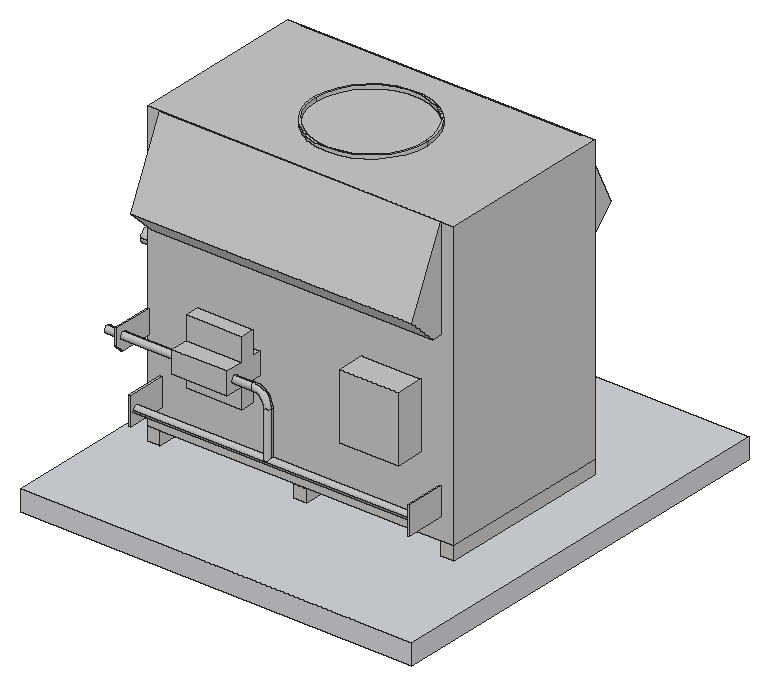
Revit family "DC_Rheem_PLM_Raypak_B2634ID", category Plumbing Fixtures, host Face, Revit 2020
Family settings
  Host = Face
  Round Connector Dimension = Use Radius
  Part Type = Normal
  Cut with Voids When Loaded = No
  Shared = No
  Room Calculation Point = No
Parameters (values of type "Raypak - Gas Water Heater- Indoor - 2530 MJ/h  Propane gas, On/Off gas control")
  Width_ANZRS = 1780 mm
  URL = "http://www.rheem.com.au/CommercialProducts"
  Type Comments = "Recovery 9632L/h @ 50oC rise\r\n"
  TopWidth_ANZRS = 1445 mm
  TopDiameter_ANZRS = 660 mm
  Model = "B2634PCO/ID\r\n"
  Materials_ANZRS = Raypak - Grey Powder Coated Steel
  PRVRadius_ANZRS = 20 mm
  Manufacturer = "Raypak\r\n"
  HotWaterRadius_ANZRS = 40 mm
  HotWaterPipeDiameter_ANZRS = HotWaterRadius_ANZRS * 2  # 80 mm
  Height_ANZRS = 1738 mm
  GasPipeDiameter_ANZRS = GasOutletRadius_ANZRS * 2  # 40 mm
  GasOutletRadius_ANZRS = 20 mm
  DesignBy_ANZRS = "Design Content ©"
  Description = "Raypak - Gas Water Heater- Indoor - 2530 MJ/h  Propane gas, On/Off gas control\r\n"
  Default Elevation = 0 mm
  ColdwaterRadius_ANZRS = 40 mm
  ColdWaterPipeDiameter_ANZRS = ColdwaterRadius_ANZRS * 2  # 80 mm
  Author_ANZRS = "DM"
  Assembly Code = ""
Types (5, lengths in mm): name | URL | Type Comments | Model | GasPipeDiameter_ANZRS | GasOutletRadius_ANZRS | Description
  (no name) | "http://www.rheem.com.au/downloads/PDF/Raypak_Mechanical_Heating_Brochure_July_09.pdf\r\n" | "Recovery 9632L/h @ 50oC rise\r\n" | "B2634PCO/ID\r\n" | 40 | 20 | "Raypak - Gas Water Heater- Indoor - 2530 MJ/h  Propane gas, On/Off gas control\r\n"
  Raypak - Gas Water Heater- Indoor - 2636 MJ/h  Natural gas, modulating gas control | "http://www.rheem.com.au/CommercialProducts" | "Recovery 10320L/h @ 50oC rise\r\n" | "B2634NCM/ID\r\n" | 65 | 32.5 | "Raypak - Gas Water Heater- Indoor - 2636 MJ/h  Natural gas, modulating gas control\r\n"
  Raypak - Gas Water Heater- Indoor - 2636 MJ/h  Natural gas, On/Off gas control | "http://www.rheem.com.au/CommercialProducts" | "Recovery 10320L/h @ 50°C rise\r\n" | "B2634NCO/ID\r\n\r\n" | 65 | 32.5 | "Raypak - Gas Water Heater- Indoor - 2636 MJ/h  Natural gas, On/Off gas control\r\n\r\n"
  Raypak - Gas Water Heater- Indoor - 2530 MJ/h  Propane gas, modulating gas control | "http://www.rheem.com.au/CommercialProducts" | "Recovery 9632L/h @ 50°C rise\r\n" | "B2634NCO/ID\r\n\r\n" | 40 | 20 | "Raypak - Gas Water Heater- Indoor - 2530 MJ/h  Propane gas, modulating gas control\r\n"
  Raypak - Gas Water Heater- Indoor - 2530 MJ/h  Propane gas, On/Off gas control | "http://www.rheem.com.au/CommercialProducts" | "Recovery 9632L/h @ 50oC rise\r\n" | "B2634PCO/ID\r\n" | 40 | 20 | "Raypak - Gas Water Heater- Indoor - 2530 MJ/h  Propane gas, On/Off gas control\r\n"
Reference planes
  plane 1 "Center (Front/Back)": y = 0
  plane 2: z = 0
  plane 3 "Center (Left/Right)": x = 0
  plane 4: x = -890
  plane 5: x = 890
  plane 6 "H1": z = 1738
  plane 7: z = 635
  plane 8: x = -1070
  plane 9: x = -330
  plane 10: x = 330
  plane 11 "H9": z = 75
  plane 12 "W1": y = 722.5
  plane 13 "W3": y = -722.5
  plane 14 "W4": y = 510
  plane 15 "W2": y = -510
  plane 16 "CENTER 5": z = 910
  plane 17 "H8": z = 200
  plane 18 "H5": z = 830
  plane 19 "W5": y = -670
  plane 20 "CENTER 2": y = 275
  plane 21 "CENTER 3": y = 110
  plane 22 "CENTER 4": y = -292
  plane 23: x = -815
  plane 24: x = 815
  plane 25: x = -37.5
  plane 26: x = 37.5
  plane 27: z = 876.785
  plane 28: z = 496.785
  plane 29: x = 700
  plane 30: x = 355
  plane 31 "W6": y = -735
  plane 32 "W7": y = -700
  plane 33: x = -970
  plane 34 "H7": z = 360
  plane 35 "CENTER 1": z = 280
  plane 36: x = -234.438
  plane 37: x = -554.438
  plane 38 "H6": z = 450
  plane 39: x = -880
  plane 40 "H2": z = 1148
  plane 41: x = -805
  plane 42: x = 805
Forms (mm)
  Extrusion 1, solid
    sketch origin (0, 0, 0) x (1, 0, 0) y (0, 1, 0)
      loop
        line (-1060, 1219.2) -> (-1060, -1219.2) -> (1215.619, -1219.2) -> (1215.619, 1219.2) -> (-1060, 1219.2)
    from 0 to -120
  Extrusion 2, solid, material "Raypak - Grey Powder Coated Steel" <- "Materials_ANZRS"
    sketch origin (0, 0, 0) x (1, 0, 0) y (0, 0, 1)
      loop
        line (-890, 0) -> (-815, 0) -> (-815, 75) -> (-890, 75) -> (-890, 0)
      loop
        line (-37.5, 0) -> (37.5, 0) -> (37.5, 75) -> (-37.5, 75) -> (-37.5, 0)
      loop
        line (890, 0) -> (890, 75) -> (815, 75) -> (815, 0) -> (890, 0)
    from -510 to 510
  Extrusion 3, solid, material "Raypak - Grey Powder Coated Steel" <- "Materials_ANZRS"
    sketch origin (0, 0, 0) x (1, 0, 0) y (0, 0, 1)
      loop
        line (890, 75) -> (890, 1738) -> (-890, 1738) -> (-890, 75) -> (890, 75)
    from -510 to 510
  Extrusion 4, solid, material "Raypak - Grey Powder Coated Steel" <- "Materials_ANZRS"
    sketch origin (0, 0, 0) x (1, 0, 0) y (0, 0, 1)
      loop
        line (355, 876.785) -> (355, 496.785) -> (700, 496.785) -> (700, 876.785) -> (355, 876.785)
    from 510 to 670
  Sweep 5, solid, material "Raypak - Grey Powder Coated Steel" <- "Materials_ANZRS"
    path origin (0, 0, 0) x (1, 0, 0) y (0, 0, 1)
      loop
        line (-970, 635) -> (-117.5, 635)
        arc (-117.5, 635) -> (-60.931, 611.569) -> (-37.5, 555) r 80
        line (-37.5, 555) -> (-37.5, 280)
    profile origin (-543.75, 0, 635) x (0, 0, 1) y (0, -1, 0)
      loop
        circle (0, 700) r 20
  Extrusion 6, solid, material "Raypak - Grey Powder Coated Steel" <- "Materials_ANZRS"
    sketch origin (0, 0, 0) x (0, 1, 0) y (0, 0, 1)
      loop
        circle (-700, 280) r 20
    from -815 to 805
  Extrusion 7, solid, material "Raypak - Grey Powder Coated Steel" <- "Materials_ANZRS"
    sketch origin (0, 0, 0) x (0, 1, 0) y (0, 0, 1)
      loop
        line (-735, 200) -> (-510, 200) -> (-510, 360) -> (-735, 360) -> (-735, 200)
    from -805 to -815
  Extrusion 8, solid, material "Raypak - Grey Powder Coated Steel" <- "Materials_ANZRS"
    sketch origin (760, 0, 0) x (0, 1, 0) y (0, 0, 1)
      loop
        line (-735, 200) -> (-510, 200) -> (-510, 360) -> (-735, 360) -> (-735, 200)
    from 45 to 55
  Extrusion 9, solid, material "Raypak - Grey Powder Coated Steel" <- "Materials_ANZRS"
    sketch origin (-40, 0, 350) x (0, 1, 0) y (0, 0, 1)
      loop
        line (-750, 216.979) -> (-643.989, 216.979) -> (-643.989, 100) -> (-565, 100) -> (-565, 216.979) -> (-510, 216.979) -> (-510, 345) -> (-565, 345) -> (-565, 480) -> (-643.989, 480) -> (-643.989, 345) -> (-750, 345) -> (-750, 216.979)
    from -514.438 to -194.438
  Extrusion 10, solid, material "Raypak - Grey Powder Coated Steel" <- "Materials_ANZRS"
    sketch origin (0, 0, 0) x (0, 1, 0) y (0, 0, 1)
      loop
        line (-510, 690) -> (-745, 690) -> (-745, 595) -> (-702.574, 552.574) -> (-510, 552.574) -> (-510, 690)
    from -890 to -880
  Extrusion 11, solid, material "Raypak - Grey Powder Coated Steel" <- "Materials_ANZRS"
    sketch origin (0, 0, 0) x (0, 1, 0) y (0, 0, 1)
      loop
        line (510, 1738) -> (510, 1148) -> (570, 1148) -> (722.5, 1300.5) -> (510, 1738)
      loop
        line (-510, 1738) -> (-722.5, 1300.5) -> (-570, 1148) -> (-510, 1148) -> (-510, 1738)
    from -815 to 815
  Revolve 12, solid, material "Raypak - Grey Powder Coated Steel" <- "Materials_ANZRS"
    sketch origin (0, 0, 0) x (1, 0, 0) y (0, 0, 1)
      loop
        line (330, 1758) -> (320, 1758) -> (320, 1738) -> (330, 1738) -> (330, 1758)
      axis (0, 1758) -> (0, 1738)
    angle from 0 to 360
  Extrusion 13, solid, material "Raypak - Grey Powder Coated Steel" <- "Materials_ANZRS"
    sketch origin (0, 0, 0) x (0, 1, 0) y (0, 0, 1)
      loop
        circle (275, 910) r 40
      loop
        circle (-292, 910) r 40
    from -1070 to -890
  Extrusion 14, void
    sketch origin (0, 0, 0) x (0, 1, 0) y (0, 0, 1)
      loop
        circle (110, 910) r 20
    from -890 to -880
Cuts and joins
  joined: Sweep 5, Extrusion 6, Extrusion 9, Extrusion 10
  Extrusion 14 cuts Extrusion 3
Lines and regions (mm)
  Masking region 1
    outline origin (0, 0, 0) x (0, 1, 0) y (0, 0, 1)
      loop
        line (722.5, 1300.5) -> (510, 1738) -> (330, 1738) -> (330, 1758) -> (-330, 1758) -> (-330, 1738) -> (-510, 1738) -> (-722.5, 1300.5) -> (-570, 1148) -> (-510, 1148) -> (-510, 690) -> (-745, 690) -> (-745, 595) -> (-702.574, 552.574) -> (-510, 552.574) -> (-510, 360) -> (-735, 360) -> (-735, 200) -> (-510, 200) -> (-510, 0) -> (510, 0) -> (510, 1148) -> (570, 1148) -> (722.5, 1300.5)
  Masking region 2
    outline origin (0, 0, 0) x (1, 0, 0) y (0, 1, 0)
      loop
        line (-815, 722.5) -> (-815, 510) -> (-890, 510) -> (-890, -510) -> (-815, -510) -> (-815, -722.5) -> (815, -722.5) -> (815, -510) -> (890, -510) -> (890, 510) -> (815, 510) -> (815, 722.5) -> (-815, 722.5)
  Masking region 3
    outline origin (0, 0, 0) x (1, 0, 0) y (0, 0, 1)
      loop
        line (330, 1738) -> (330, 1758) -> (-330, 1758) -> (-330, 1738) -> (-890, 1738) -> (-890, 75) -> (-890, 0) -> (-815, 0) -> (-815, 75) -> (-37.5, 75) -> (-37.5, 0) -> (37.5, 0) -> (37.5, 75) -> (815, 75) -> (815, 0) -> (890, 0) -> (890, 75) -> (890, 1738) -> (330, 1738)
  symbolic lines, style "Rheem Raypak", detail levels fine
    curve 1: line (-815, 722.5, 0) -> (815, 722.5, 0)
    curve 2: line (-815, 722.5, 0) -> (-815, -722.5, 0)
    curve 3: line (-815, 570, 0) -> (815, 570, 0)
    curve 4: line (890, 510, 0) -> (815, 510, 0)
    curve 5: line (-890, 510, 0) -> (-890, -510, 0)
    curve 6: arc (-330, 0, 0) -> (0, -330, 0) -> (330, 0, 0) r 330
    curve 7: arc (330, 0, 0) -> (0, 330, 0) -> (-330, 0, 0) r 330
    curve 8: arc (320, 0, 0) -> (0, 320, 0) -> (-320, 0, 0) r 320
    curve 9: arc (-320, 0, 0) -> (0, -320, 0) -> (320, 0, 0) r 320
    curve 10: line (815, -722.5, 0) -> (815, 722.5, 0)
    curve 11: line (890, -510, 0) -> (890, 510, 0)
    curve 12: line (-554.438, -750, 0) -> (-234.438, -750, 0)
    curve 13: line (-234.438, -750, 0) -> (-234.438, -722.5, 0)
    curve 14: line (-890, -510, 0) -> (-890, -745, 0)
    curve 15: line (-880, -745, 0) -> (-880, -510, 0)
    curve 16: line (-890, -745, 0) -> (-880, -745, 0)
    curve 17: line (-805, -735, 0) -> (-815, -735, 0)
    curve 18: line (-805, -510, 0) -> (-805, -735, 0)
    curve 19: line (-815, -735, 0) -> (-815, -510, 0)
    curve 20: line (815, -735, 0) -> (815, -510, 0)
    curve 21: line (815, -735, 0) -> (815, 722.5, 0)
    curve 22: line (-815, -722.5, 0) -> (815, -722.5, 0)
    curve 23: line (-815, 510, 0) -> (-890, 510, 0)
    curve 24: line (-815, -570, 0) -> (815, -570, 0)
    curve 25: line (-554.438, -722.5, 0) -> (-554.438, -750, 0)
    curve 26: line (-970, -680, 0) -> (-970, -720, 0)
    curve 27: line (-970, -680, 0) -> (-890, -680, 0)
    curve 28: line (-970, -720, 0) -> (-890, -720, 0)
    curve 29: line (-880, -720, 0) -> (-805, -720, 0)
    curve 30: line (-880, -680, 0) -> (-805, -680, 0)
    curve 31: line (-890, -510, 0) -> (-815, -510, 0)
    curve 32: line (815, -510, 0) -> (890, -510, 0)
    curve 33: line (-1070, 321.973, 0) -> (-890, 321.973, 0)
    curve 34: line (-1070, 228.027, 0) -> (-1070, 321.973, 0)
    curve 35: line (-1070, -338.973, 0) -> (-1070, -245.027, 0)
    curve 36: line (-1070, -245.027, 0) -> (-890, -245.027, 0)
    curve 37: line (-1070, -338.973, 0) -> (-890, -338.973, 0)
    curve 38: line (-1070, 228.027, 0) -> (-890, 228.027, 0)
    curve 39: line (0, 510, 0) -> (0, 510, 1738)
    curve 40: line (0, -510, 0) -> (0, 510, 0)
    curve 41: line (0, -510, 75) -> (0, -510, 0)
    curve 42: line (0, -735, 200) -> (0, -510, 200)
    curve 43: line (0, -510, 360) -> (0, -735, 360)
    curve 44: line (0, -735, 360) -> (0, -735, 200)
    curve 45: line (0, -510, 876.785) -> (0, -670, 876.785)
    curve 46: line (0, -670, 876.785) -> (0, -670, 695)
    curve 47: arc (0, -700, 615) -> (0, -720, 635) -> (0, -700, 655) r 20
    curve 48: arc (0, -700, 655) -> (0, -680, 635) -> (0, -700, 615) r 20
    curve 49: line (0, -510, 75) -> (0, 510, 75)
    curve 50: line (0, -565, 830) -> (0, -565, 695)
    curve 51: line (0, -565, 695) -> (0, -510, 695)
    curve 52: line (0, -510, 695) -> (0, -510, 566.979)
    curve 53: line (0, -565, 552.574) -> (0, -565, 450)
    curve 54: line (0, -565, 450) -> (0, -643.989, 450)
    curve 55: line (0, -643.989, 450) -> (0, -643.989, 552.574)
    curve 56: line (0, -716.979, 566.979) -> (0, -750, 566.979)
    curve 57: line (0, -750, 566.979) -> (0, -750, 695)
    curve 58: line (0, -750, 695) -> (0, -643.989, 695)
    curve 59: line (0, -643.989, 695) -> (0, -643.989, 830)
    curve 60: line (0, -643.989, 830) -> (0, -565, 830)
    curve 61: line (0, -510, 690) -> (0, -745, 690)
    curve 62: line (0, -702.574, 552.574) -> (0, -510, 552.574)
    curve 63: line (0, -745, 595) -> (0, -702.574, 552.574)
    curve 64: line (0, -745, 690) -> (0, -745, 595)
    curve 65: line (0, 510, 1738) -> (0, -510, 1738)
    curve 66: line (0, 722.5, 1300.5) -> (0, 510, 1738)
    curve 67: line (0, 570, 1148) -> (0, 722.5, 1300.5)
    curve 68: line (0, 510, 1148) -> (0, 570, 1148)
    curve 69: line (0, 330, 1758) -> (0, -330, 1758)
    curve 70: line (0, 330, 1738) -> (0, 330, 1758)
    curve 71: line (0, -330, 1758) -> (0, -330, 1738)
    curve 72: line (0, -510, 1738) -> (0, -722.5, 1300.5)
    curve 73: line (0, -722.5, 1300.5) -> (0, -570, 1148)
    curve 74: line (0, -570, 1148) -> (0, -510, 1148)
    curve 75: line (0, -510, 1738) -> (0, -510, 75)
    curve 76: arc (0, 235, 910) -> (0, 275, 950) -> (0, 315, 910) r 40
    curve 77: arc (0, 315, 910) -> (0, 275, 870) -> (0, 235, 910) r 40
    curve 78: arc (0, 90, 910) -> (0, 110, 890) -> (0, 130, 910) r 20
    curve 79: arc (0, 130, 910) -> (0, 110, 930) -> (0, 90, 910) r 20
    curve 80: arc (0, -252, 910) -> (0, -292, 870) -> (0, -332, 910) r 40
    curve 81: arc (0, -332, 910) -> (0, -292, 950) -> (0, -252, 910) r 40
    curve 82: line (0, -680, 360) -> (0, -680, 552.574)
    curve 83: line (0, -719.686, 569.686) -> (0, -719.686, 360)
    curve 84: line (890, 0, 1738) -> (-890, 0, 1738)
    curve 85: line (330, 0, 1758) -> (-330, 0, 1758)
    curve 86: line (-890, 0, 1738) -> (-890, 0, 75)
    curve 87: line (-815, 0, 1738) -> (-815, 0, 1148)
    curve 88: line (-815, 0, 1300.5) -> (815, 0, 1300.5)
    curve 89: line (-815, 0, 1148) -> (815, 0, 1148)
    curve 90: line (815, 0, 1148) -> (815, 0, 1738)
    curve 91: line (890, 0, 75) -> (890, 0, 1738)
    curve 92: line (700, 0, 876.785) -> (355, 0, 876.785)
    curve 93: line (355, 0, 876.785) -> (355, 0, 496.785)
    curve 94: line (355, 0, 496.785) -> (700, 0, 496.785)
    curve 95: line (700, 0, 496.785) -> (700, 0, 876.785)
    curve 96: line (-234.438, 0, 450) -> (-234.438, 0, 830)
    curve 97: line (-554.438, 0, 830) -> (-554.438, 0, 450)
    curve 98: line (-554.438, 0, 450) -> (-234.438, 0, 450)
    curve 99: line (-554.438, 0, 566.979) -> (-234.438, 0, 566.979)
    curve 100: line (-234.438, 0, 695) -> (-554.438, 0, 695)
    curve 101: line (-234.438, 0, 830) -> (-554.438, 0, 830)
    curve 102: line (-890, 0, 75) -> (-890, 0, 0)
    curve 103: line (-815, 0, 0) -> (-815, 0, 75)
    curve 104: line (-890, 0, 0) -> (-815, 0, 0)
    curve 105: line (-37.5, 0, 75) -> (-37.5, 0, 0)
    curve 106: line (37.5, 0, 0) -> (37.5, 0, 75)
    curve 107: line (-37.5, 0, 0) -> (37.5, 0, 0)
    curve 108: line (815, 0, 75) -> (815, 0, 0)
    curve 109: line (890, 0, 0) -> (890, 0, 75)
    curve 110: line (815, 0, 0) -> (890, 0, 0)
    curve 111: line (-890, 0, 75) -> (890, 0, 75)
    curve 112: line (-970, 0, 615) -> (-970, 0, 655)
    curve 113: line (-1070, 0, 935) -> (-1070, 0, 885)
    curve 114: line (-805, 0, 200) -> (-805, 0, 360)
    curve 115: line (-805, 0, 360) -> (-815, 0, 360)
    curve 116: line (-815, 0, 360) -> (-815, 0, 200)
    curve 117: line (-815, 0, 200) -> (-805, 0, 200)
    curve 118: line (805, 0, 360) -> (805, 0, 200)
    curve 119: line (805, 0, 200) -> (815, 0, 200)
    curve 120: line (815, 0, 200) -> (815, 0, 360)
    curve 121: line (815, 0, 360) -> (805, 0, 360)
    curve 122: line (-1070, 0, 935) -> (-890, 0, 935)
    curve 123: line (-1070, 0, 885) -> (-890, 0, 885)
    curve 124: line (-970, 0, 655) -> (-554.438, 0, 655)
    curve 125: line (-970, 0, 615) -> (-554.438, 0, 615)
    curve 126: line (-234.438, 0, 655) -> (-119.438, 0, 655)
    curve 127: line (-234.438, 0, 615) -> (-118.185, 0, 615)
    curve 128: arc (-118.185, 0, 615) -> (-75.24, 0, 597.212) -> (-57.452, 0, 554.267) r 60.733
    curve 129: arc (-118.185, 0, 655) -> (-46.956, 0, 625.496) -> (-17.452, 0, 554.267) r 100.733
    curve 130: line (-17.452, 0, 554.267) -> (-17.452, 0, 300)
    curve 131: line (-57.452, 0, 300) -> (-57.452, 0, 554.267)
    curve 132: line (-805, 0, 300) -> (805, 0, 300)
    curve 133: line (805, 0, 260) -> (-805, 0, 260)
    curve 134: line (-880, 0, 552.574) -> (-880, 0, 690)
    curve 135: line (-880, 0, 552.574) -> (-890, 0, 552.574)
    curve 136: line (-880, 0, 690) -> (-890, 0, 690)
    curve 137: line (-330, 0, 1758) -> (-330, 0, 1738)
    curve 138: line (330, 0, 1758) -> (330, 0, 1738)
Dimensions and locks
  equal spacing: plane 5, plane 3 "Center (Left/Right)", plane 4
  "Width_ANZRS": plane 5 to plane 4
  plane 6 "H1" to level = 1738 mm
  locked: plane 4 to plane 8 at 180
  equal spacing: plane 10, plane 3 "Center (Left/Right)", plane 9
  "TopDiameter_ANZRS": plane 10 to plane 9
  plane 11 "H9" to level = 75 mm
  equal spacing: plane 12 "W1", plane 1 "Center (Front/Back)", plane 13 "W3"
  "TopWidth_ANZRS": plane 12 "W1" to plane 13 "W3"
  plane 12 "W1" to plane 14 "W4" = 212.5 mm
  plane 15 "W2" to plane 13 "W3" = 212.5 mm
  plane 16 "CENTER 5" to level = 910 mm
  plane 17 "H8" to level = 200 mm
  plane 18 "H5" to plane 17 "H8" = 630 mm
  plane 15 "W2" to plane 19 "W5" = 160 mm
  plane 14 "W4" to plane 20 "CENTER 2" = 235 mm
  plane 14 "W4" to plane 21 "CENTER 3" = 400 mm
  plane 20 "CENTER 2" to plane 22 "CENTER 4" = 567 mm
  "Height_ANZRS": plane 6 "H1" to level
  locked: plane 23 to plane 4 at 75
  locked: plane 24 to plane 5 at 75
  equal spacing: plane 26, plane 3 "Center (Left/Right)", plane 25
  plane 26 to plane 25 = 75 mm
  plane 14 "W4" to plane 15 "W2" = 1020 mm
  plane 27 to plane 28 = 380 mm
  locked: plane 29 to plane 30 at 345
  plane 15 "W2" to plane 31 "W6" = 225 mm
  plane 7 to level = 635 mm
  plane 15 "W2" to plane 32 "W7" = 190 mm
  plane 4 to plane 33 = 80 mm
  locked: plane 34 "H7" to plane 17 "H8" at 160
  locked: plane 35 "CENTER 1" to plane 17 "H8" at 80
  locked: plane 36 to plane 37 at 320
  locked: plane 3 "Center (Left/Right)" to plane 36 at 234.438
  plane 7 to plane 38 "H6" = 185 mm
  locked: plane 39 to plane 4 at 10
  locked: plane 6 "H1" to plane 40 "H2" at 590
  locked: plane 41 to plane 23 at 10
  locked: plane 24 to plane 42 at 10
  "GasOutletRadius_ANZRS": radius of Sweep 5 sketch curve
  "GasOutletRadius_ANZRS": radius of Extrusion 6 sketch curve
  "PRVRadius_ANZRS": radius of Extrusion 14 sketch curve
  "ColdwaterRadius_ANZRS": radius of Extrusion 13 sketch curve
  "HotWaterRadius_ANZRS": radius of Extrusion 13 sketch curve
  aligned and locked: plane 2 to Extrusion 1
  aligned and locked: level to Extrusion 1
  aligned and locked: Extrusion 2 sketch curve to level  (x2)
  aligned and locked: Extrusion 2 sketch curve to plane 4
  aligned and locked: plane 11 "H9" to Extrusion 2 sketch curve  (x2)
  aligned and locked: plane 23 to Extrusion 2 sketch curve
  aligned and locked: Extrusion 2 sketch curve to plane 25
  aligned and locked: Extrusion 2 sketch curve to plane 26
  aligned and locked: level to Extrusion 2 sketch curve
  aligned and locked: plane 5 to Extrusion 2 sketch curve
  aligned and locked: Extrusion 2 sketch curve to plane 11 "H9"
  aligned and locked: Extrusion 2 sketch curve to plane 24
  aligned and locked: Extrusion 2 to plane 14 "W4"
  aligned and locked: Extrusion 2 to plane 15 "W2"
  aligned and locked: Extrusion 3 sketch curve to Extrusion 2  (x2)
  aligned and locked: Extrusion 3 sketch curve to plane 6 "H1"
  aligned and locked: plane 4 to Extrusion 3 sketch curve
  aligned and locked: Extrusion 3 to plane 14 "W4"
  aligned and locked: Extrusion 3 to plane 15 "W2"
  aligned and locked: Extrusion 4 sketch curve to plane 27
  aligned and locked: plane 30 to Extrusion 4 sketch curve
  aligned and locked: plane 28 to Extrusion 4 sketch curve
  aligned and locked: Extrusion 4 sketch curve to plane 29
  aligned and locked: plane 19 "W5" to Extrusion 4
  aligned and locked: Extrusion 4 to Extrusion 3
  aligned and locked: Sweep 5 sketch curve to plane 7
  aligned and locked: Sweep 5 sketch curve to plane 25
  aligned and locked: plane 7 to Sweep 5 sketch curve
  aligned and locked: plane 32 "W7" to Sweep 5 sketch curve
  aligned and locked: plane 33 to Sweep 5 sketch curve
  aligned and locked: plane 32 "W7" to Extrusion 6 sketch curve
  aligned: Extrusion 6 to plane 4
  aligned: plane 24 to Extrusion 6
  aligned and locked: Extrusion 6 to plane 23
  aligned and locked: plane 15 "W2" to Extrusion 7 sketch curve
  aligned and locked: plane 17 "H8" to Extrusion 7 sketch curve
  aligned and locked: plane 31 "W6" to Extrusion 7 sketch curve
  aligned and locked: Extrusion 7 sketch curve to plane 34 "H7"
  aligned and locked: plane 23 to Extrusion 7
  aligned and locked: plane 35 "CENTER 1" to Extrusion 6 sketch curve
  aligned and locked: plane 35 "CENTER 1" to Sweep 5 sketch curve
  aligned: Extrusion 8 to plane 24
  aligned and locked: plane 36 to Extrusion 9
  aligned and locked: plane 37 to Extrusion 9
  aligned and locked: Extrusion 9 to Extrusion 9  (x3)
  aligned and locked: plane 38 "H6" to Extrusion 9
  aligned and locked: Extrusion 3 to Extrusion 10 sketch curve
  aligned and locked: Extrusion 10 to plane 4
  aligned and locked: plane 14 "W4" to Extrusion 11 sketch curve
  aligned and locked: plane 15 "W2" to Extrusion 11 sketch curve
  aligned and locked: Extrusion 11 sketch curve to Extrusion 11 sketch curve
  aligned and locked: Extrusion 11 to plane 23
  aligned: plane 24 to Extrusion 11
  aligned and locked: Revolve 12 sketch curve to plane 3 "Center (Left/Right)"
  aligned and locked: plane 10 to Revolve 12 sketch curve
  aligned and locked: Revolve 12 sketch curve to plane 6 "H1"
  aligned and locked: plane 20 "CENTER 2" to Extrusion 13 sketch curve
  aligned and locked: plane 22 "CENTER 4" to Extrusion 13 sketch curve
  aligned and locked: plane 16 "CENTER 5" to Extrusion 13 sketch curve  (x2)
  aligned and locked: Extrusion 13 to plane 8
  aligned and locked: plane 4 to Extrusion 13
  aligned and locked: plane 21 "CENTER 3" to Extrusion 14 sketch curve
  aligned and locked: plane 16 "CENTER 5" to Extrusion 14 sketch curve
  aligned and locked: cut or joined group of Extrusion 3, Extrusion 14 to plane 4
  aligned and locked: plane 39 to cut or joined group of Extrusion 3, Extrusion 14
  aligned and locked: plane 40 "H2" to Extrusion 11 sketch curve
  aligned and locked: plane 12 "W1" to Extrusion 11 sketch curve
  aligned and locked: plane 13 "W3" to Extrusion 11 sketch curve
  aligned and locked: curve 1 to Extrusion 11
  aligned and locked: curve 2 to Extrusion 11
  aligned and locked: curve 3 to Extrusion 11
  aligned and locked: curve 4 to cut or joined group of Extrusion 3, Extrusion 14
  aligned and locked: curve 5 to cut or joined group of Extrusion 3, Extrusion 14
  aligned and locked: curve 6 to Revolve 12
  aligned and locked: curve 7 to Revolve 12
  aligned and locked: curve 8 to Revolve 12
  aligned and locked: curve 9 to Revolve 12
  aligned: curve 10 to Extrusion 11
  aligned and locked: curve 11 to cut or joined group of Extrusion 3, Extrusion 14
  aligned and locked: curve 12 to cut or joined group of Sweep 5, Extrusion 6, Extrusion 9, Extrusion 10
  aligned and locked: curve 13 to cut or joined group of Sweep 5, Extrusion 6, Extrusion 9, Extrusion 10
  aligned and locked: curve 14 to cut or joined group of Sweep 5, Extrusion 6, Extrusion 9, Extrusion 10
  aligned and locked: curve 15 to cut or joined group of Sweep 5, Extrusion 6, Extrusion 9, Extrusion 10
  aligned and locked: curve 16 to cut or joined group of Sweep 5, Extrusion 6, Extrusion 9, Extrusion 10
  aligned and locked: Extrusion 7 to curve 17
  aligned and locked: curve 18 to Extrusion 7
  aligned and locked: curve 19 to Extrusion 7
  aligned and locked: curve 20 to Extrusion 8
  aligned: curve 21 to Extrusion 11
  aligned and locked: curve 22 to Extrusion 11
  aligned and locked: curve 24 to Extrusion 11
  aligned and locked: curve 26 to plane 33
  aligned and locked: curve 27 to curve 30
  aligned and locked: curve 28 to curve 29
  aligned and locked: cut or joined group of Extrusion 3, Extrusion 14 to plane 15 "W2"
  aligned and locked: curve 31 to plane 15 "W2"
  aligned and locked: curve 21 to curve 32
  aligned and locked: curve 34 to Extrusion 13
  aligned and locked: curve 35 to Extrusion 13
  aligned and locked: curve 39 to Extrusion 2
  aligned and locked: curve 40 to Extrusion 2
  aligned and locked: curve 41 to Extrusion 2
  aligned and locked: curve 42 to Extrusion 7
  aligned and locked: curve 43 to Extrusion 7
  aligned and locked: curve 44 to Extrusion 7
  aligned and locked: Extrusion 4 to curve 45
  aligned and locked: curve 46 to Extrusion 4
  aligned and locked: curve 49 to cut or joined group of Extrusion 3, Extrusion 14
  aligned and locked: curve 65 to cut or joined group of Extrusion 3, Extrusion 14
  aligned and locked: curve 66 to Extrusion 11
  aligned and locked: curve 67 to Extrusion 11
  aligned and locked: curve 68 to Extrusion 11
  aligned and locked: Revolve 12 to curve 69
  aligned and locked: curve 72 to Extrusion 11
  aligned and locked: curve 73 to Extrusion 11
  aligned and locked: curve 74 to Extrusion 11
  aligned and locked: curve 75 to cut or joined group of Extrusion 3, Extrusion 14
  aligned and locked: curve 76 to Extrusion 13
  aligned and locked: curve 77 to Extrusion 13
  aligned and locked: curve 78 to cut or joined group of Extrusion 3, Extrusion 14
  aligned and locked: curve 79 to cut or joined group of Extrusion 3, Extrusion 14
  aligned and locked: curve 80 to Extrusion 13
  aligned and locked: curve 81 to Extrusion 13
  aligned and locked: Masking region 1 sketch curve to curve 66
  aligned and locked: Masking region 1 sketch curve to curve 67
  aligned and locked: Masking region 1 sketch curve to curve 68
  aligned and locked: Masking region 1 sketch curve to curve 39
  aligned and locked: Masking region 1 sketch curve to curve 65
  aligned and locked: Masking region 1 sketch curve to curve 70
  aligned and locked: Masking region 1 sketch curve to curve 69
  aligned and locked: Masking region 1 sketch curve to curve 71
  aligned and locked: Masking region 1 sketch curve to curve 72
  aligned and locked: Masking region 1 sketch curve to curve 73
  aligned and locked: Masking region 1 sketch curve to curve 74
  aligned and locked: curve 75 to Masking region 1 sketch curve
  aligned and locked: Masking region 1 sketch curve to curve 40
  aligned and locked: Masking region 1 sketch curve to curve 42
  aligned and locked: Masking region 1 sketch curve to curve 44
  aligned and locked: Masking region 1 sketch curve to curve 43
  aligned and locked: Masking region 1 sketch curve to curve 62
  aligned and locked: Masking region 1 sketch curve to curve 61
  aligned and locked: Masking region 1 sketch curve to curve 64
  aligned and locked: Masking region 1 sketch curve to curve 63
  aligned and locked: Masking region 2 sketch curve to curve 1
  aligned and locked: curve 21 to Masking region 2 sketch curve
  aligned and locked: Masking region 2 sketch curve to curve 4
  aligned and locked: Masking region 2 sketch curve to curve 11
  aligned and locked: Masking region 2 sketch curve to curve 32
  aligned and locked: Masking region 2 sketch curve to curve 22
  aligned and locked: Masking region 2 sketch curve to curve 2
  aligned and locked: Masking region 2 sketch curve to curve 23
  aligned and locked: Masking region 2 sketch curve to curve 5
  aligned and locked: Masking region 2 sketch curve to curve 31
  aligned and locked: Extrusion 8 to plane 24
  aligned and locked: Extrusion 10 to plane 39
  aligned and locked: plane 41 to Extrusion 7
  aligned and locked: Extrusion 8 to plane 42
  aligned and locked: plane 42 to cut or joined group of Sweep 5, Extrusion 6, Extrusion 9, Extrusion 10
  aligned and locked: plane 24 to Extrusion 11
  aligned and locked: curve 84 to cut or joined group of Extrusion 3, Extrusion 14
  aligned and locked: curve 85 to Revolve 12
  aligned and locked: curve 86 to cut or joined group of Extrusion 3, Extrusion 14
  aligned and locked: curve 87 to Extrusion 11
  aligned and locked: curve 88 to Extrusion 11
  aligned and locked: curve 89 to Extrusion 11
  aligned and locked: curve 90 to Extrusion 11
  aligned and locked: curve 91 to cut or joined group of Extrusion 3, Extrusion 14
  aligned and locked: curve 92 to Extrusion 4
  aligned and locked: curve 93 to Extrusion 4
  aligned and locked: curve 94 to Extrusion 4
  aligned and locked: curve 95 to Extrusion 4
  aligned and locked: curve 96 to cut or joined group of Sweep 5, Extrusion 6, Extrusion 9, Extrusion 10
  aligned and locked: curve 97 to cut or joined group of Sweep 5, Extrusion 6, Extrusion 9, Extrusion 10
  aligned and locked: curve 98 to cut or joined group of Sweep 5, Extrusion 6, Extrusion 9, Extrusion 10
  aligned and locked: curve 99 to cut or joined group of Sweep 5, Extrusion 6, Extrusion 9, Extrusion 10
  aligned and locked: curve 100 to cut or joined group of Sweep 5, Extrusion 6, Extrusion 9, Extrusion 10
  aligned and locked: curve 101 to cut or joined group of Sweep 5, Extrusion 6, Extrusion 9, Extrusion 10
  aligned and locked: curve 102 to Extrusion 2
  aligned and locked: curve 103 to Extrusion 2
  aligned and locked: curve 104 to Extrusion 2
  aligned and locked: curve 105 to Extrusion 2
  aligned and locked: curve 106 to Extrusion 2
  aligned and locked: curve 107 to Extrusion 2
  aligned and locked: curve 108 to Extrusion 2
  aligned and locked: curve 109 to Extrusion 2
  aligned and locked: curve 110 to Extrusion 2
  aligned and locked: curve 111 to cut or joined group of Extrusion 3, Extrusion 14
  aligned and locked: cut or joined group of Sweep 5, Extrusion 6, Extrusion 9, Extrusion 10 to curve 112
  aligned and locked: Extrusion 13 to curve 113
  aligned and locked: curve 114 to Extrusion 7
  aligned and locked: curve 115 to Extrusion 7
  aligned and locked: curve 116 to Extrusion 7
  aligned and locked: curve 117 to Extrusion 7
  aligned and locked: curve 118 to Extrusion 8
  aligned and locked: curve 119 to Extrusion 8
  aligned and locked: curve 120 to Extrusion 8
  aligned and locked: curve 121 to Extrusion 8
  aligned and locked: curve 124 to curve 126
  aligned and locked: curve 134 to cut or joined group of Sweep 5, Extrusion 6, Extrusion 9, Extrusion 10
  aligned and locked: Masking region 3 sketch curve to curve 138
  aligned and locked: Masking region 3 sketch curve to curve 85
  aligned and locked: Masking region 3 sketch curve to curve 137
  aligned and locked: Masking region 3 sketch curve to curve 108
  aligned and locked: Masking region 3 sketch curve to curve 110
  aligned and locked: Masking region 3 sketch curve to curve 109
  aligned and locked: Masking region 3 sketch curve to curve 91
  aligned and locked: Masking region 3 sketch curve to curve 84
  aligned and locked: Masking region 3 sketch curve to curve 86
  aligned and locked: Masking region 3 sketch curve to curve 102
  aligned and locked: Masking region 3 sketch curve to curve 104
  aligned and locked: Masking region 3 sketch curve to curve 103
  aligned and locked: curve 111 to Masking region 3 sketch curve
  aligned and locked: Masking region 3 sketch curve to curve 105
  aligned and locked: Masking region 3 sketch curve to curve 107
  aligned and locked: Masking region 3 sketch curve to curve 106
Automatic sketch dimensions
  Extrusion 1 sketch curve to Extrusion 1 sketch curve = 2275.619 mm
  Extrusion 1 sketch curve to Extrusion 1 sketch curve = 2438.4 mm
  curve 35 to plane 8 = 0 mm
  curve 38 to plane 8 = 0 mm
  curve 5 to plane 4 = 0 mm
  curve 18 to plane 31 "W6" = 0 mm
  curve 17 to plane 23 = 0 mm
  plane 14 "W4" to curve 23 = 0 mm
  curve 23 to plane 23 = 0 mm
  curve 25 to plane 13 "W3" = 0 mm
  curve 25 to plane 37 = 0 mm
  curve 12 to plane 36 = 0 mm
  plane 14 "W4" to curve 4 = 0 mm
  curve 4 to plane 24 = 0 mm
  curve 11 to plane 5 = 0 mm
  curve 32 to plane 15 "W2" = 0 mm
  plane 12 "W1" to curve 21 = 0 mm
  plane 39 to curve 29 = 0 mm
  curve 16 to plane 31 "W6" = 10 mm
  curve 12 to plane 31 "W6" = 15 mm
  plane 13 "W3" to curve 29 = 2.5 mm
  plane 19 "W5" to curve 26 = 10 mm
  curve 24 to plane 15 "W2" = 60 mm
  plane 22 "CENTER 4" to curve 37 = 46.973 mm
  curve 36 to plane 22 "CENTER 4" = 46.973 mm
  plane 20 "CENTER 2" to curve 38 = 46.973 mm
  curve 33 to plane 20 "CENTER 2" = 46.973 mm
  curve 4 to curve 3 = 60 mm
  Sweep 5 sketch curve to plane 25 = 80 mm
  Extrusion 8 sketch curve to plane 31 "W6" = 0 mm
  Extrusion 8 sketch curve to plane 15 "W2" = 0 mm
  Extrusion 8 sketch curve to plane 17 "H8" = 0 mm
  Extrusion 8 sketch curve to plane 34 "H7" = 0 mm
  Extrusion 9 sketch curve to plane 18 "H5" = 0 mm
  plane 38 "H6" to Extrusion 9 sketch curve = 0 mm
  Extrusion 9 sketch curve to plane 15 "W2" = 0 mm
  Extrusion 9 sketch curve to plane 15 "W2" = 55 mm  (x2)
  Extrusion 9 sketch curve to plane 19 "W5" = 26.011 mm  (x2)
  Extrusion 9 sketch curve to plane 31 "W6" = 15 mm
  Extrusion 9 sketch curve to plane 7 = 68.021 mm  (x2)
  plane 7 to Extrusion 9 sketch curve = 60 mm  (x2)
  plane 32 "W7" to Extrusion 10 sketch curve = 2.574 mm
  Extrusion 10 sketch curve to plane 31 "W6" = 10 mm
  plane 28 to Extrusion 10 sketch curve = 55.788 mm
  Extrusion 10 sketch curve to plane 7 = 40 mm
  plane 7 to Extrusion 10 sketch curve = 55 mm
  Extrusion 11 sketch curve to plane 6 "H1" = 0 mm  (x2)
  Extrusion 11 sketch curve to plane 14 "W4" = 0 mm
  Extrusion 11 sketch curve to plane 15 "W2" = 60 mm
  Extrusion 11 sketch curve to Extrusion 11 sketch curve = 60 mm
  Extrusion 11 sketch curve to plane 40 "H2" = 152.5 mm  (x2)
  Revolve 12 sketch curve to Revolve 12 sketch curve = 10 mm
  Revolve 12 sketch curve to level = 609.6 mm
  Revolve 12 sketch curve to Revolve 12 sketch curve = 20 mm
  plane 6 "H1" to Revolve 12 sketch curve = 871.058 mm
  curve 43 to plane 31 "W6" = 0 mm
  curve 72 to plane 13 "W3" = 0 mm
  curve 83 to plane 34 "H7" = 0 mm
  curve 48 to plane 7 = 0 mm
  curve 48 to plane 32 "W7" = 0 mm
  curve 45 to plane 19 "W5" = 0 mm
  curve 59 to plane 18 "H5" = 0 mm
  plane 38 "H6" to curve 54 = 0 mm
  plane 40 "H2" to curve 74 = 0 mm
  curve 61 to plane 15 "W2" = 0 mm
  curve 65 to plane 14 "W4" = 0 mm
  plane 40 "H2" to curve 67 = 0 mm
  curve 66 to plane 12 "W1" = 0 mm
  curve 41 to level = 0 mm
  curve 42 to plane 17 "H8" = 0 mm
  curve 45 to plane 27 = 0 mm
  curve 61 to plane 31 "W6" = 10 mm
  curve 56 to plane 31 "W6" = 15 mm
  plane 13 "W3" to curve 83 = 2.814 mm
  curve 83 to curve 56 = 2.708 mm
  plane 32 "W7" to curve 63 = 2.574 mm
  plane 19 "W5" to curve 82 = 10 mm
  curve 59 to plane 19 "W5" = 26.011 mm
  curve 54 to plane 19 "W5" = 26.011 mm
  curve 74 to plane 15 "W2" = 60 mm
  curve 51 to curve 51 = 55 mm
  curve 53 to plane 15 "W2" = 55 mm
  plane 22 "CENTER 4" to curve 71 = 38 mm
  curve 70 to plane 20 "CENTER 2" = 55 mm
  curve 67 to plane 14 "W4" = 60 mm
  plane 28 to curve 82 = 55.788 mm
  curve 62 to curve 57 = 14.405 mm
  curve 62 to curve 52 = 14.405 mm
  curve 56 to curve 83 = 2.708 mm
  curve 48 to plane 7 = 20 mm
  plane 7 to curve 64 = 55 mm
  curve 61 to curve 58 = 5 mm
  curve 61 to curve 51 = 5 mm
  curve 67 to plane 40 "H2" = 152.5 mm
  curve 73 to plane 40 "H2" = 152.5 mm
  curve 71 to curve 69 = 20 mm
  Masking region 1 sketch curve to plane 15 "W2" = 0 mm  (x2)
  Masking region 1 sketch curve to plane 6 "H1" = 0 mm
  Masking region 2 sketch curve to plane 24 = 0 mm
  Masking region 2 sketch curve to plane 23 = 0 mm
  curve 20 to plane 24 = 0 mm
  curve 20 to plane 31 "W6" = 0 mm
  curve 21 to plane 31 "W6" = 0 mm
  curve 18 to plane 41 = 0 mm
  curve 128 to curve 129 = 0 mm  (x2)
  curve 113 to plane 8 = 0 mm
  curve 122 to plane 4 = 0 mm
  plane 39 to curve 134 = 0 mm
  curve 116 to plane 23 = 0 mm
  curve 87 to plane 6 "H1" = 0 mm
  curve 87 to plane 23 = 0 mm
  curve 104 to level = 0 mm
  curve 104 to plane 23 = 0 mm
  curve 132 to plane 41 = 0 mm
  curve 97 to plane 37 = 0 mm
  curve 85 to plane 9 = 0 mm
  curve 98 to plane 36 = 0 mm
  curve 105 to plane 11 "H9" = 0 mm
  curve 105 to plane 25 = 0 mm
  curve 107 to level = 0 mm
  plane 26 to curve 107 = 0 mm
  plane 10 to curve 85 = 0 mm
  curve 93 to plane 28 = 0 mm
  curve 93 to plane 30 = 0 mm
  curve 94 to plane 29 = 0 mm
  curve 132 to plane 42 = 0 mm
  plane 24 to curve 108 = 0 mm
  curve 88 to plane 24 = 0 mm
  curve 119 to plane 17 "H8" = 0 mm
  plane 24 to curve 119 = 0 mm
  plane 5 to curve 91 = 0 mm
  curve 110 to level = 0 mm
  curve 114 to plane 17 "H8" = 0 mm
  curve 121 to plane 34 "H7" = 0 mm
  curve 116 to plane 34 "H7" = 0 mm
  curve 97 to plane 38 "H6" = 0 mm
  curve 101 to plane 18 "H5" = 0 mm
  curve 92 to plane 27 = 0 mm
  curve 89 to plane 40 "H2" = 0 mm
  plane 7 to curve 126 = 20 mm
  curve 126 to plane 25 = 81.938 mm
  curve 128 to plane 7 = 20 mm
  curve 126 to curve 128 = 1.253 mm
  curve 131 to plane 25 = 19.952 mm
  curve 130 to plane 3 "Center (Left/Right)" = 17.452 mm
  curve 133 to plane 35 "CENTER 1" = 20 mm
  plane 35 "CENTER 1" to curve 130 = 20 mm
  plane 28 to curve 135 = 55.788 mm
  curve 99 to curve 127 = 48.021 mm
  curve 125 to plane 7 = 20 mm
  plane 7 to curve 136 = 55 mm
  curve 124 to curve 100 = 40 mm
  plane 27 to curve 123 = 8.215 mm
  plane 16 "CENTER 5" to curve 122 = 25 mm
  curve 88 to plane 40 "H2" = 152.5 mm
  curve 138 to curve 85 = 20 mm
  Masking region 3 sketch curve to plane 11 "H9" = 0 mm  (x3)
  Masking region 3 sketch curve to plane 6 "H1" = 0 mm
Connectors
  piping at (-1070, -292, 910), diameter 80, driven by "ColdwaterRadius_ANZRS"
    settings: on Extrusion 13, index 1, connector inside diameter 3.14961", connector length 0 mm, flow factor 0, pipe flow 0 GPM, pressure drop 0.00 psi, fitting loss kfactor 0, connector angle 0.00°, fixture units 0, engagement length 0 mm, angle of deflection 0.00°, flow configuration 1, flow direction 1, fitting loss method 0, system type 20, joint type 0, gender type 0, connector reference index -1, connector utility 0, adjustable connector no, is connector primary yes, connector description ""
  piping at (-1070, 275, 910), diameter 80, driven by "HotWaterRadius_ANZRS"
    settings: on Extrusion 13, index 2, connector inside diameter 3.14961", connector length 0 mm, flow factor 0, pipe flow 0 GPM, pressure drop 0.00 psi, fitting loss kfactor 0, connector angle 0.00°, fixture units 0, engagement length 0 mm, angle of deflection 0.00°, flow configuration 1, flow direction 2, fitting loss method 0, system type 19, joint type 0, gender type 0, connector reference index -1, connector utility 0, adjustable connector no, is connector primary no, connector description ""
  piping at (-970, -700, 635), diameter 40, driven by "GasOutletRadius_ANZRS"
    settings: on cut or joined group of Sweep 5, Extrusion 6, Extrusion 9, Extrusion 10, index 3, connector inside diameter 1.5748", connector length 0 mm, flow factor 0, pipe flow 0 GPM, pressure drop 0.00 psi, fitting loss kfactor 0, connector angle 0.00°, fixture units 0, engagement length 0 mm, angle of deflection 0.00°, flow configuration 1, flow direction 1, fitting loss method 0, system type 22, joint type 0, gender type 0, connector reference index -1, connector utility 0, adjustable connector no, is connector primary no, connector description "Gas"
  piping at (-890, 110, 910), diameter 30
    settings: on cut or joined group of Extrusion 3, Extrusion 14, index 4, connector inside diameter 1.1811", connector length 0 mm, flow factor 0, pipe flow 0 GPM, pressure drop 0.00 psi, fitting loss kfactor 0, connector angle 0.00°, fixture units 0, engagement length 0 mm, angle of deflection 0.00°, flow configuration 1, flow direction 2, fitting loss method 0, system type 22, joint type 0, gender type 0, connector reference index -1, connector utility 0, adjustable connector no, is connector primary no, connector description "PRV"
